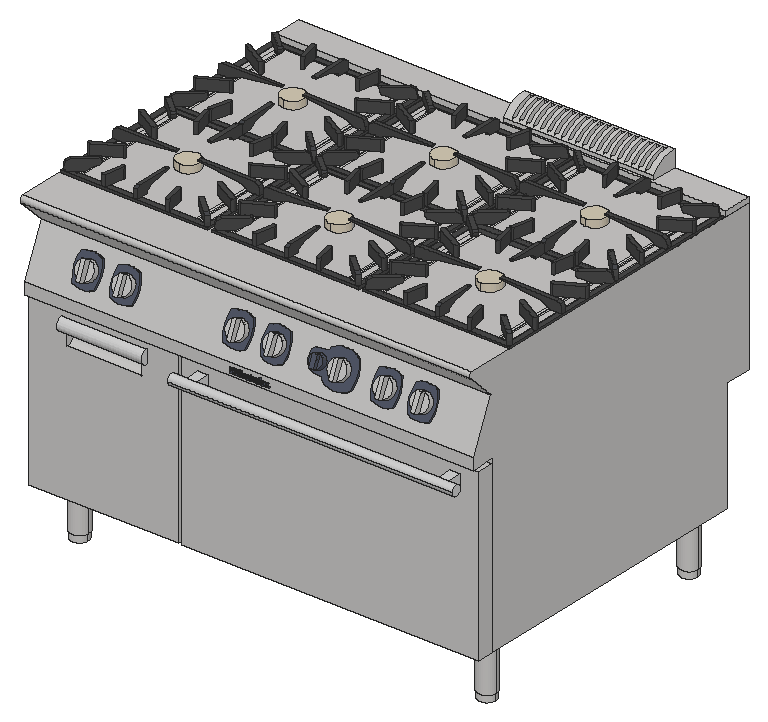
Revit family "QF_ELECTROLUXPROFESSIONAL_391582_E9AANTBFMII", category Attrezzature speciali, Revit 2018 (continued)
Automatic sketch dimensions
  Extrusion 36 sketch curve to Extrusion 36 sketch curve = 0.561 mm
  Extrusion 36 sketch curve to Extrusion 36 sketch curve = 0.592 mm
  Extrusion 36 sketch curve to Extrusion 36 sketch curve = 2.692 mm
  Extrusion 36 sketch curve to Extrusion 36 sketch curve = 1.259 mm
  plane 7 "Center Y" to Extrusion 36 sketch curve = 48.858 mm
  Extrusion 36 sketch curve to Extrusion 36 sketch curve = 0.802 mm
  Extrusion 36 sketch curve to Extrusion 36 sketch curve = 1.024 mm
  Extrusion 36 sketch curve to Extrusion 36 sketch curve = 0.682 mm
  Extrusion 36 sketch curve to Extrusion 36 sketch curve = 5.934 mm
  Extrusion 36 sketch curve to Extrusion 36 sketch curve = 2.186 mm
  Extrusion 36 sketch curve to Extrusion 36 sketch curve = 0.337 mm
  Extrusion 36 sketch curve to Extrusion 36 sketch curve = 0.021 mm
  Extrusion 36 sketch curve to Extrusion 36 sketch curve = 1.005 mm
  Extrusion 36 sketch curve to Extrusion 36 sketch curve = 0.552 mm
  Extrusion 36 sketch curve to Extrusion 36 sketch curve = 0.778 mm
  Extrusion 36 sketch curve to Extrusion 36 sketch curve = 0.063 mm
  Extrusion 36 sketch curve to Extrusion 36 sketch curve = 1.023 mm
  Extrusion 36 sketch curve to Extrusion 36 sketch curve = 3.804 mm
  Extrusion 36 sketch curve to Extrusion 36 sketch curve = 0.486 mm
  Extrusion 36 sketch curve to Extrusion 36 sketch curve = 0.266 mm
  Extrusion 36 sketch curve to plane 7 "Center Y" = 0.787 mm
  Extrusion 36 sketch curve to Extrusion 36 sketch curve = 1.547 mm
  Extrusion 36 sketch curve to Extrusion 36 sketch curve = 0.717 mm  (x2)
  Extrusion 36 sketch curve to Extrusion 36 sketch curve = 1.667 mm
  plane 7 "Center Y" to Extrusion 36 sketch curve = 44.532 mm
  Extrusion 36 sketch curve to Extrusion 36 sketch curve = 3.174 mm
  plane 7 "Center Y" to Extrusion 36 sketch curve = 0.368 mm
  Extrusion 36 sketch curve to Extrusion 36 sketch curve = 0.388 mm
  Extrusion 36 sketch curve to Extrusion 36 sketch curve = 1.342 mm
  plane 7 "Center Y" to Extrusion 36 sketch curve = 50.135 mm
  Extrusion 36 sketch curve to Extrusion 36 sketch curve = 1.521 mm
  plane 7 "Center Y" to Extrusion 36 sketch curve = 51.694 mm
  Extrusion 36 sketch curve to Extrusion 36 sketch curve = 0.124 mm
  Extrusion 36 sketch curve to Extrusion 36 sketch curve = 0.291 mm
  plane 7 "Center Y" to Extrusion 36 sketch curve = 7.285 mm
  Extrusion 36 sketch curve to Extrusion 36 sketch curve = 1.049 mm  (x2)
  plane 7 "Center Y" to Extrusion 36 sketch curve = 47.668 mm
  Extrusion 36 sketch curve to Extrusion 36 sketch curve = 1.7 mm
  Extrusion 36 sketch curve to Extrusion 36 sketch curve = 0.894 mm
  Extrusion 36 sketch curve to Extrusion 36 sketch curve = 0.989 mm
  Extrusion 36 sketch curve to Extrusion 36 sketch curve = 1.168 mm
  Extrusion 36 sketch curve to Extrusion 36 sketch curve = 1.594 mm
  Extrusion 36 sketch curve to Extrusion 36 sketch curve = 0.731 mm
  Extrusion 36 sketch curve to Extrusion 36 sketch curve = 1.566 mm
  Extrusion 36 sketch curve to Extrusion 36 sketch curve = 0.064 mm
  plane 7 "Center Y" to Extrusion 36 sketch curve = 7.842 mm
  Extrusion 36 sketch curve to Extrusion 36 sketch curve = 0.556 mm
  Extrusion 36 sketch curve to Extrusion 36 sketch curve = 0.48 mm
  Extrusion 36 sketch curve to Extrusion 36 sketch curve = 0.228 mm
  Extrusion 36 sketch curve to Extrusion 36 sketch curve = 1.018 mm
  plane 7 "Center Y" to Extrusion 36 sketch curve = 37.429 mm
  Extrusion 36 sketch curve to Extrusion 36 sketch curve = 0.787 mm
  Extrusion 36 sketch curve to Extrusion 36 sketch curve = 0.618 mm
  plane 7 "Center Y" to Extrusion 36 sketch curve = 42.486 mm
  Extrusion 36 sketch curve to Extrusion 36 sketch curve = 1.672 mm
  plane 7 "Center Y" to Extrusion 36 sketch curve = 53.436 mm
  Extrusion 36 sketch curve to Extrusion 36 sketch curve = 1.361 mm
  Extrusion 36 sketch curve to Extrusion 36 sketch curve = 0.822 mm
  Extrusion 36 sketch curve to Extrusion 36 sketch curve = 0.069 mm
  Extrusion 36 sketch curve to Extrusion 36 sketch curve = 1.88 mm
  plane 7 "Center Y" to Extrusion 36 sketch curve = 35.269 mm
  Extrusion 36 sketch curve to Extrusion 36 sketch curve = 0.42 mm
  Extrusion 36 sketch curve to Extrusion 36 sketch curve = 0.062 mm
  Extrusion 36 sketch curve to Extrusion 36 sketch curve = 1.355 mm
  Extrusion 36 sketch curve to Extrusion 36 sketch curve = 2.34 mm
  Extrusion 36 sketch curve to Extrusion 36 sketch curve = 0.493 mm
  Extrusion 36 sketch curve to Extrusion 36 sketch curve = 0.136 mm
  Extrusion 36 sketch curve to Extrusion 36 sketch curve = 0.128 mm
  Extrusion 36 sketch curve to Extrusion 36 sketch curve = 3.616 mm
  Extrusion 36 sketch curve to Extrusion 36 sketch curve = 4.207 mm
  Extrusion 36 sketch curve to Extrusion 36 sketch curve = 0.183 mm
  Extrusion 36 sketch curve to Extrusion 36 sketch curve = 0.895 mm
  Extrusion 36 sketch curve to Extrusion 36 sketch curve = 1.314 mm
  Extrusion 36 sketch curve to Extrusion 36 sketch curve = 3.231 mm
  Extrusion 36 sketch curve to plane 7 "Center Y" = 23.526 mm
  Extrusion 36 sketch curve to Extrusion 36 sketch curve = 1.299 mm
  Extrusion 36 sketch curve to Extrusion 36 sketch curve = 1.214 mm
  plane 7 "Center Y" to Extrusion 36 sketch curve = 26.369 mm
  Extrusion 36 sketch curve to Extrusion 36 sketch curve = 1.264 mm
  Extrusion 36 sketch curve to Extrusion 36 sketch curve = 0.109 mm
  Extrusion 36 sketch curve to Extrusion 36 sketch curve = 0.357 mm
  Extrusion 36 sketch curve to Extrusion 36 sketch curve = 0.565 mm
  Extrusion 36 sketch curve to Extrusion 36 sketch curve = 2.504 mm
  Extrusion 36 sketch curve to Extrusion 36 sketch curve = 2.459 mm
  Extrusion 36 sketch curve to Extrusion 36 sketch curve = 0.983 mm
  Extrusion 36 sketch curve to Extrusion 36 sketch curve = 0.422 mm  (x2)
  Extrusion 36 sketch curve to Extrusion 36 sketch curve = 1.268 mm
  Extrusion 36 sketch curve to Extrusion 36 sketch curve = 0.671 mm
  Extrusion 36 sketch curve to Extrusion 36 sketch curve = 1.634 mm
  Extrusion 36 sketch curve to Extrusion 36 sketch curve = 0.132 mm
  Extrusion 36 sketch curve to Extrusion 36 sketch curve = 0.586 mm
  Extrusion 36 sketch curve to Extrusion 36 sketch curve = 1.241 mm
  Extrusion 36 sketch curve to Extrusion 36 sketch curve = 1.689 mm
  Extrusion 36 sketch curve to Extrusion 36 sketch curve = 0.627 mm
  Extrusion 36 sketch curve to Extrusion 36 sketch curve = 0.419 mm
  Extrusion 36 sketch curve to Extrusion 36 sketch curve = 1.514 mm
  Extrusion 36 sketch curve to Extrusion 36 sketch curve = 1.019 mm
  Extrusion 36 sketch curve to Extrusion 36 sketch curve = 0.065 mm
  Extrusion 36 sketch curve to Extrusion 36 sketch curve = 1.215 mm
  Extrusion 36 sketch curve to Extrusion 36 sketch curve = 1.122 mm
  Extrusion 36 sketch curve to Extrusion 36 sketch curve = 1.153 mm
  Extrusion 36 sketch curve to Extrusion 36 sketch curve = 1.223 mm
  Extrusion 36 sketch curve to Extrusion 36 sketch curve = 0.934 mm
  Extrusion 36 sketch curve to Extrusion 36 sketch curve = 3.376 mm
  Extrusion 36 sketch curve to Extrusion 36 sketch curve = 0.222 mm
  Extrusion 36 sketch curve to Extrusion 36 sketch curve = 1.383 mm
  Extrusion 36 sketch curve to Extrusion 36 sketch curve = 1.556 mm
  Extrusion 36 sketch curve to Extrusion 36 sketch curve = 2.559 mm
  Extrusion 36 sketch curve to Extrusion 36 sketch curve = 2.51 mm
  Extrusion 36 sketch curve to Extrusion 36 sketch curve = 0.131 mm
  Extrusion 36 sketch curve to Extrusion 36 sketch curve = 1.134 mm
  Extrusion 36 sketch curve to Extrusion 36 sketch curve = 0.094 mm
  Extrusion 36 sketch curve to Extrusion 36 sketch curve = 1.584 mm
  Extrusion 36 sketch curve to Extrusion 36 sketch curve = 0.27 mm
  Extrusion 36 sketch curve to Extrusion 36 sketch curve = 0.916 mm
  Extrusion 36 sketch curve to Extrusion 36 sketch curve = 0.352 mm
  Extrusion 36 sketch curve to Extrusion 36 sketch curve = 0.458 mm
  Extrusion 36 sketch curve to Extrusion 36 sketch curve = 1.282 mm
  Extrusion 36 sketch curve to Extrusion 36 sketch curve = 1.363 mm
  Extrusion 36 sketch curve to Extrusion 36 sketch curve = 0.685 mm
  Extrusion 36 sketch curve to Extrusion 36 sketch curve = 0.905 mm
  Extrusion 36 sketch curve to Extrusion 36 sketch curve = 1.477 mm
  Extrusion 36 sketch curve to Extrusion 36 sketch curve = 0.472 mm
  Extrusion 36 sketch curve to Extrusion 36 sketch curve = 0.101 mm
  Extrusion 36 sketch curve to Extrusion 36 sketch curve = 0.54 mm
  Extrusion 36 sketch curve to Extrusion 36 sketch curve = 0.02 mm
  Extrusion 36 sketch curve to Extrusion 36 sketch curve = 0.829 mm
  Extrusion 36 sketch curve to Extrusion 36 sketch curve = 0.582 mm
  Extrusion 36 sketch curve to Extrusion 36 sketch curve = 0.166 mm
  Extrusion 36 sketch curve to Extrusion 36 sketch curve = 0.16 mm
  Extrusion 36 sketch curve to Extrusion 36 sketch curve = 1.118 mm
  Extrusion 36 sketch curve to Extrusion 36 sketch curve = 0.613 mm
  Extrusion 36 sketch curve to Extrusion 36 sketch curve = 0.781 mm
  Extrusion 36 sketch curve to Extrusion 36 sketch curve = 0.361 mm
  Extrusion 36 sketch curve to Extrusion 36 sketch curve = 0.897 mm
  Extrusion 36 sketch curve to Extrusion 36 sketch curve = 0.167 mm
  Extrusion 36 sketch curve to Extrusion 36 sketch curve = 0.292 mm
  Extrusion 36 sketch curve to Extrusion 36 sketch curve = 0.305 mm
  Extrusion 36 sketch curve to Extrusion 36 sketch curve = 1.557 mm
  Extrusion 36 sketch curve to Extrusion 36 sketch curve = 2.499 mm
  Extrusion 36 sketch curve to Extrusion 36 sketch curve = 3.062 mm
  Extrusion 36 sketch curve to Extrusion 36 sketch curve = 2.968 mm
  Extrusion 36 sketch curve to Extrusion 36 sketch curve = 5.044 mm
  Extrusion 36 sketch curve to Extrusion 36 sketch curve = 0.629 mm  (x2)
  Extrusion 36 sketch curve to Extrusion 36 sketch curve = 1.131 mm
  Extrusion 36 sketch curve to Extrusion 36 sketch curve = 0.137 mm
  Extrusion 36 sketch curve to Extrusion 36 sketch curve = 0.027 mm
  Extrusion 36 sketch curve to Extrusion 36 sketch curve = 2.046 mm
  Extrusion 36 sketch curve to Extrusion 36 sketch curve = 2.235 mm
  Revolve 37 sketch curve to plane 9 "Base" = 0 mm  (x2)
  Revolve 37 sketch curve to level = 0 mm
  plane 3 "LEFT" to Revolve 37 sketch curve = 30.6 mm
  Revolve 37 sketch curve to Revolve 37 sketch curve = 2.5 mm
  Revolve 37 sketch curve to Revolve 37 sketch curve = 25.4 mm
  Revolve 37 sketch curve to Revolve 37 sketch curve = 0 mm
  level to Revolve 37 sketch curve = 19.05 mm
  plane 9 "Base" to Revolve 37 sketch curve = 20 mm
  Revolve 38 sketch curve to plane 9 "Base" = 0 mm  (x2)
  Revolve 38 sketch curve to level = 0 mm
  Revolve 38 sketch curve to plane 4 "RIGHT" = 30.6 mm
  Revolve 38 sketch curve to Revolve 38 sketch curve = 2.5 mm
  Revolve 38 sketch curve to Revolve 38 sketch curve = 25.4 mm
  Revolve 38 sketch curve to Revolve 38 sketch curve = 0 mm
  plane 9 "Base" to Revolve 38 sketch curve = 20 mm
  level to Revolve 38 sketch curve = 19.05 mm
  Revolve 39 sketch curve to plane 9 "Base" = 0 mm  (x2)
  Revolve 39 sketch curve to level = 0 mm
  plane 3 "LEFT" to Revolve 39 sketch curve = 30.6 mm
  Revolve 39 sketch curve to Revolve 39 sketch curve = 2.5 mm
  Revolve 39 sketch curve to Revolve 39 sketch curve = 25.4 mm
  Revolve 39 sketch curve to Revolve 39 sketch curve = 0 mm
  level to Revolve 39 sketch curve = 19.05 mm
  plane 9 "Base" to Revolve 39 sketch curve = 20 mm
  Revolve 40 sketch curve to plane 9 "Base" = 0 mm  (x2)
  Revolve 40 sketch curve to level = 0 mm
  Revolve 40 sketch curve to plane 4 "RIGHT" = 30.6 mm
  Revolve 40 sketch curve to Revolve 40 sketch curve = 2.5 mm
  Revolve 40 sketch curve to Revolve 40 sketch curve = 25.4 mm
  Revolve 40 sketch curve to Revolve 40 sketch curve = 0 mm
  plane 9 "Base" to Revolve 40 sketch curve = 20 mm
  level to Revolve 40 sketch curve = 19.05 mm
  Extrusion 41 sketch curve to Extrusion 1 = 43 mm
  Extrusion 41 sketch curve to Extrusion 1 = 276.222 mm
  plane 1 "BACK" to Extrusion 42 sketch curve = 63.911 mm  (x2)
  Extrusion 42 sketch curve to plane 4 "RIGHT" = 212.447 mm
  Extrusion 42 sketch curve to Extrusion 42 sketch curve = 9.296 mm  (x20)
  Extrusion 42 sketch curve to Extrusion 42 sketch curve = 9.397 mm  (x19)
  Extrusion 42 sketch curve to Extrusion 42 sketch curve = 0 mm  (x18)
  plane 1 "BACK" to Extrusion 42 sketch curve = 6.761 mm  (x20)
  curve 107 to plane 3 "LEFT" = 0 mm
  curve 107 to plane 4 "RIGHT" = 0 mm
  plane 7 "Center Y" to curve 106 = 2.4 mm
  curve 106 to plane 13 = 58.15 mm
  curve 106 to plane 4 "RIGHT" = 197.6 mm
  curve 107 to plane 13 = 51.8 mm
  plane 11 to curve 10 = 0 mm
  curve 3 to plane 4 "RIGHT" = 0 mm
  curve 4 to plane 4 "RIGHT" = 0 mm
  plane 11 to curve 13 = 0 mm
  plane 1 "BACK" to curve 98 = 0 mm
  curve 5 to plane 3 "LEFT" = 0 mm
  curve 1 to plane 3 "LEFT" = 0 mm
  plane 11 to curve 8 = 0 mm
  curve 2 to plane 15 = 0 mm
  plane 4 "RIGHT" to curve 9 = 100 mm
  curve 11 to plane 4 "RIGHT" = 19.875 mm
  plane 11 to curve 13 = 8.549 mm
  curve 12 to curve 13 = 30.925 mm
  curve 13 to curve 15 = 25.4 mm
  curve 98 to plane 4 "RIGHT" = 197.6 mm
  curve 98 to curve 67 = 14.847 mm
  curve 66 to curve 68 = 9.296 mm
  curve 68 to curve 70 = 9.397 mm
  curve 70 to curve 73 = 9.296 mm
  curve 72 to curve 74 = 9.397 mm
  curve 74 to curve 75 = 9.296 mm
  curve 75 to curve 79 = 9.397 mm
  curve 78 to curve 79 = 9.296 mm
  curve 79 to curve 83 = 9.397 mm
  curve 82 to curve 84 = 9.296 mm
  curve 83 to curve 87 = 9.397 mm
  curve 86 to curve 88 = 9.296 mm
  curve 88 to curve 90 = 9.397 mm
  curve 90 to curve 92 = 9.296 mm
  curve 92 to curve 97 = 9.397 mm
  curve 94 to curve 97 = 9.296 mm
  curve 96 to curve 25 = 9.397 mm
  curve 22 to curve 23 = 9.296 mm
  curve 23 to curve 27 = 9.397 mm
  curve 26 to curve 28 = 9.296 mm
  curve 28 to curve 33 = 9.397 mm
  curve 30 to curve 31 = 9.296 mm
  curve 31 to curve 35 = 9.397 mm
  curve 34 to curve 36 = 9.296 mm
  curve 35 to curve 38 = 9.397 mm
  curve 38 to curve 39 = 9.296 mm
  curve 40 to curve 42 = 9.397 mm
  curve 42 to curve 44 = 9.296 mm
  curve 43 to curve 46 = 9.397 mm
  curve 46 to curve 48 = 9.296 mm
  curve 47 to curve 50 = 9.397 mm
  curve 50 to curve 51 = 9.296 mm
  curve 52 to curve 54 = 9.397 mm
  curve 54 to curve 57 = 9.296 mm
  curve 55 to curve 59 = 9.397 mm
  curve 58 to curve 61 = 9.296 mm
  curve 59 to curve 62 = 9.397 mm
  curve 62 to curve 64 = 9.296 mm
  curve 64 to curve 21 = 9.397 mm
  curve 18 to curve 20 = 9.296 mm
  plane 7 "Center Y" to curve 99 = 2.4 mm
  plane 11 to curve 104 = 8.549 mm
  curve 104 to plane 7 "Center Y" = 123.8 mm
  curve 101 to curve 100 = 25.4 mm
  plane 11 to curve 102 = 7.049 mm
  curve 16 to curve 102 = 30.925 mm
  curve 4 to curve 8 = 100 mm
  curve 10 to plane 1 "BACK" = 100 mm
  plane 1 "BACK" to curve 84 = 6.761 mm
  plane 1 "BACK" to curve 86 = 6.761 mm
  plane 1 "BACK" to curve 90 = 6.761 mm
  plane 1 "BACK" to curve 81 = 6.761 mm
  plane 1 "BACK" to curve 53 = 6.761 mm
  plane 1 "BACK" to curve 97 = 6.761 mm
  plane 1 "BACK" to curve 77 = 6.761 mm
  plane 1 "BACK" to curve 18 = 6.761 mm
  plane 1 "BACK" to curve 73 = 6.761 mm
  plane 1 "BACK" to curve 22 = 6.761 mm
  plane 1 "BACK" to curve 69 = 6.761 mm
  plane 1 "BACK" to curve 26 = 6.761 mm
  plane 1 "BACK" to curve 65 = 6.761 mm
  plane 1 "BACK" to curve 30 = 6.761 mm
  plane 1 "BACK" to curve 61 = 6.761 mm
  plane 1 "BACK" to curve 34 = 6.761 mm
  plane 1 "BACK" to curve 57 = 6.761 mm
  plane 1 "BACK" to curve 38 = 6.761 mm
  plane 1 "BACK" to curve 49 = 6.761 mm
  plane 1 "BACK" to curve 42 = 6.761 mm
  curve 44 to curve 44 = 57.15 mm
  curve 46 to curve 43 = 0 mm
  curve 42 to curve 40 = 0 mm
  curve 50 to curve 47 = 0 mm
  curve 92 to curve 92 = 57.15 mm
  curve 38 to curve 36 = 0 mm
  curve 54 to curve 51 = 0 mm
  curve 34 to curve 32 = 0 mm
  curve 58 to curve 55 = 0 mm
  curve 30 to curve 28 = 0 mm
  curve 62 to curve 59 = 0 mm
  curve 26 to curve 24 = 0 mm
  curve 66 to curve 66 = 57.15 mm
  curve 20 to curve 63 = 0 mm
  curve 70 to curve 67 = 0 mm
  curve 94 to curve 91 = 0 mm
  curve 74 to curve 71 = 0 mm
  curve 78 to curve 75 = 0 mm
  curve 90 to curve 88 = 0 mm
  curve 82 to curve 79 = 0 mm
  curve 66 to curve 98 = 5.939 mm
  curve 19 to curve 99 = 5.939 mm
  plane 11 to curve 17 = 7.049 mm
  curve 105 to curve 101 = 1.5 mm
  curve 12 to curve 11 = 25.4 mm
  radius of Extrusion 4 sketch curve = 6.4 mm
  radius of Extrusion 9 sketch curve = 12.7 mm
  radius of Extrusion 13 sketch curve = 25.4 mm
  radius of Extrusion 14 sketch curve to Extrusion 13 = 0 mm  (x2)
  radius of Extrusion 16 sketch curve = 25.4 mm
  radius of Extrusion 17 sketch curve to Extrusion 16 = 0 mm  (x2)
  radius of Extrusion 18 sketch curve = 18.37 mm
  radius of Extrusion 21 sketch curve = 25.4 mm
  radius of Extrusion 22 sketch curve to Extrusion 21 = 0 mm  (x2)
  radius of Extrusion 24 sketch curve = 25.4 mm
  radius of Extrusion 25 sketch curve to Extrusion 24 = 0 mm  (x2)
  radius of Extrusion 28 sketch curve = 25.4 mm
  radius of Extrusion 29 sketch curve to Extrusion 28 = 0 mm  (x2)
  radius of Extrusion 31 sketch curve = 25.4 mm
  radius of Extrusion 32 sketch curve to Extrusion 31 = 0 mm  (x2)
  radius of Extrusion 34 sketch curve = 25.4 mm
  radius of Extrusion 35 sketch curve to Extrusion 34 = 0 mm  (x2)
  radius of Extrusion 41 sketch curve = 12.7 mm
Nested families
  nested 1: "371009_BURNER" at (0, -440.6, 0), type "371009_BURNER"
    with Type Mark "", Status "", Specification by User "", Revision Code "", Item Number "", Installed By "", Identify Quantity as Lot yes, Furnished By "", Foodservice Equipment Identifier yes
  nested 2: "371009_BURNER" at (403.15, -440.6, 0), type "371009_BURNER"
    with Type Mark "", Status "", Specification by User "", Revision Code "", Item Number "", Installed By "", Identify Quantity as Lot yes, Furnished By "", Foodservice Equipment Identifier yes
  nested 3: "371009_BURNER" at (1200, -440.6, 0) x (-1, 0, 0) z (0, 0, 1), type "371009_BURNER"
    with Type Mark "", Status "", Specification by User "", Revision Code "", Item Number "", Installed By "", Identify Quantity as Lot yes, Furnished By "", Foodservice Equipment Identifier yes
  nested 4: "371009_BURNER" at (0, -440.6, 0), type "371009_BURNER"
    with Type Mark "", Status "", Specification by User "", Revision Code "", Item Number "", Installed By "", Identify Quantity as Lot yes, Furnished By "", Foodservice Equipment Identifier yes
  nested 5: "371009_BURNER" at (403.15, -440.6, 0), type "371009_BURNER"
    with Type Mark "", Status "", Specification by User "", Revision Code "", Item Number "", Installed By "", Identify Quantity as Lot yes, Furnished By "", Foodservice Equipment Identifier yes
  nested 6: "371009_BURNER" at (1200, -440.6, 0) x (-1, 0, 0) z (0, 0, 1), type "371009_BURNER"
    with Type Mark "", Status "", Specification by User "", Revision Code "", Item Number "", Installed By "", Identify Quantity as Lot yes, Furnished By "", Foodservice Equipment Identifier yes
Connectors
  piping at (1149, -665, 129), diameter 12.8
    settings: on Extrusion 4, index 1, connector inside diameter 0.50394", connector length 0 mm, flow factor 0, pipe flow 0 GPM, pressure drop 0.00 psi, fitting loss kfactor 0, connector angle 0.00°, fixture units 0, engagement length 0 mm, angle of deflection 0.00°, flow configuration 1, flow direction 1, fitting loss method 0, system type 7, joint type 0, gender type 0, connector reference index -1, connector utility 0, adjustable connector no, is connector primary yes, connector description "GAS CONNECTION"
Definition of nested family "371009_BURNER"
  Parameters
    Weight in Pounds = 0
    URL Cutsheet = ""
    URL = "www.electrolux.com"
    Type Mark [instance] = ""
    Status [instance] = ""
    Specification by User [instance] = ""
    Specification by Manufacturer = ""
    Show Clearance [instance] = yes
    Serial Number = ""
    Seismic Rating = ""
    SMACNA No = ""
    Revision Code [instance] = ""
    Omniclass Number and Title = ""
    NAFEM Spec ID Number = ""
    Model = "371009"
    Masterspec = ""
    Manufacturer = "ELECTROLUX"
    Item Number [instance] = ""
    Installed By [instance] = ""
    Identify Quantity as Lot [instance] = yes
    Furnished By [instance] = ""
    Foodservice Equipment Identifier [instance] = yes
    Description = ""
    CSI MasterFormat = ""
    CSI Master Format = ""
  Reference planes
    plane 1 "BACK": y = 0
    plane 2: z = 0
    plane 3 "LEFT": x = 0
    plane 4 "RIGHT": x = 393.7
    plane 5 "FRONT": y = -355.6
    plane 6 "TOP": z = 908.85
    plane 7 "Center Y": x = 196.85
    plane 8 "Center X": y = -177.8
    plane 9 "Base": z = 150
    plane 10: z = 850.85
  Forms (mm)
    Extrusion 1, solid
      sketch origin (-6.433, -404.961, 5) x (1, 0, 0) y (0, 0, -1)
        loop
          arc (7.142, -850.85) -> (6.739, -862.989) -> (9.761, -874.752) r 42.809
          line (9.761, -874.752) -> (19.961, -879.425) -> (173.122, -879.425)
          arc (173.122, -879.425) -> (174.316, -878.312) -> (173.289, -877.043) r 1.197
          line (173.289, -877.043) -> (64.848, -864.021)
          arc (64.848, -864.021) -> (50.111, -858.738) -> (36.589, -850.85) r 85.245
          line (36.589, -850.85) -> (7.142, -850.85)
        loop
          line (399.424, -850.85) -> (369.977, -850.85)
          arc (369.977, -850.85) -> (356.455, -858.738) -> (341.718, -864.021) r 85.245
          line (341.718, -864.021) -> (233.277, -877.043)
          arc (233.277, -877.043) -> (232.25, -878.312) -> (233.444, -879.425) r 1.197
          line (233.444, -879.425) -> (386.605, -879.425) -> (396.806, -874.752)
          arc (396.806, -874.752) -> (399.827, -862.989) -> (399.424, -850.85) r 42.809
      from 224.564 to 234.564
    Extrusion 2, solid
      sketch origin (196.85, 175.397, 1219.2) x (0, 1, 0) y (0, 0, 1)
        loop
          line (-204.463, -363.35) -> (-175.397, -363.35) -> (-175.397, -339.506)
          arc (-175.397, -339.506) -> (-181.025, -338.266) -> (-185.611, -334.775) r 13.39
          line (-185.611, -334.775) -> (-278.903, -334.775)
          arc (-278.903, -334.775) -> (-280.097, -335.888) -> (-279.07, -337.157) r 1.197
          line (-279.07, -337.157) -> (-227.151, -347.464)
          arc (-227.151, -347.464) -> (-213.741, -352.457) -> (-204.463, -363.35) r 28.426
        loop
          arc (-496.332, -363.35) -> (-487.053, -352.457) -> (-473.644, -347.464) r 28.426
          line (-473.644, -347.464) -> (-421.725, -337.157)
          arc (-421.725, -337.157) -> (-420.697, -335.888) -> (-421.891, -334.775) r 1.197
          line (-421.891, -334.775) -> (-515.184, -334.775)
          arc (-515.184, -334.775) -> (-519.769, -338.266) -> (-525.397, -339.506) r 13.39
          line (-525.397, -339.506) -> (-525.397, -363.35) -> (-496.332, -363.35)
      from -5 to 5
    Extrusion 3, solid
      sketch origin (-6.433, 367.064, 850.85) x (0, -1, 0) y (1, 0, 0)
        loop
          line (722.664, 6.433) -> (722.664, 400.133) -> (367.064, 400.133) -> (367.064, 6.433) -> (722.664, 6.433)
        loop
          line (382.064, 21.433) -> (707.664, 21.433) -> (707.664, 385.133) -> (382.064, 385.133) -> (382.064, 21.433)
      from 0 to 5
    Extrusion 4, solid
      sketch origin (-18.933, 367.064, 855.85) x (0, -1, 0) y (1, 0, 0)
        loop
          circle (541.667, 215.783) r 30
      from -1.321 to 17.134
    Extrusion 5, solid
      sketch origin (-6.433, -367.064, 0) x (1, 0, 0) y (0, 0, -1)
        loop
          line (21.433, -855.85) -> (36.589, -855.85)
          arc (36.589, -855.85) -> (40.561, -855.243) -> (44.305, -853.783) r 18.259
          arc (44.305, -853.783) -> (45.997, -853.366) -> (47.69, -853.783) r 3.649
          arc (47.69, -853.783) -> (49.901, -854.522) -> (52.232, -854.529) r 7.328
          line (52.232, -854.529) -> (354.334, -854.529)
          arc (354.334, -854.529) -> (356.666, -854.522) -> (358.877, -853.783) r 7.328
          arc (358.877, -853.783) -> (360.569, -853.366) -> (362.261, -853.783) r 3.649
          arc (362.261, -853.783) -> (366.005, -855.243) -> (369.977, -855.85) r 18.259
          line (369.977, -855.85) -> (385.133, -855.85) -> (385.133, -850.85) -> (21.433, -850.85) -> (21.433, -855.85)
      from 26.464 to 352.064
    Extrusion 6, solid
      sketch origin (83.284, -458.334, 5) x (0.742103, 0.670286, 0) y (0, 0, -1)
        loop
          arc (88.629, -864.012) -> (73.909, -858.731) -> (60.402, -850.85) r 85.245
          line (60.402, -850.85) -> (14.993, -850.85)
          arc (14.993, -850.85) -> (14.642, -862.948) -> (17.686, -874.663) r 42.876
          line (17.686, -874.663) -> (27.899, -879.425) -> (89.664, -879.425)
          arc (89.664, -879.425) -> (92.39, -878.352) -> (93.654, -875.709) r 4
          arc (93.654, -875.709) -> (92.562, -869.25) -> (88.629, -864.012) r 13.87
        loop
          arc (457.638, -864.012) -> (453.704, -869.25) -> (452.613, -875.709) r 13.87
          arc (452.613, -875.709) -> (453.876, -878.352) -> (456.603, -879.425) r 4
          line (456.603, -879.425) -> (518.367, -879.425) -> (528.581, -874.663)
          arc (528.581, -874.663) -> (531.624, -862.948) -> (531.273, -850.85) r 42.876
          line (531.273, -850.85) -> (485.865, -850.85)
          arc (485.865, -850.85) -> (472.357, -858.731) -> (457.638, -864.012) r 85.245
      from 127.064 to 137.064
    Extrusion 7, solid
      sketch origin (310.416, -458.334, 5) x (-0.742103, 0.670286, 0) y (0, 0, 1)
        loop
          arc (88.629, 864.012) -> (92.562, 869.25) -> (93.654, 875.709) r 13.87
          arc (93.654, 875.709) -> (92.39, 878.352) -> (89.664, 879.425) r 4
          line (89.664, 879.425) -> (27.899, 879.425) -> (17.686, 874.663)
          arc (17.686, 874.663) -> (14.642, 862.948) -> (14.993, 850.85) r 42.876
          line (14.993, 850.85) -> (60.402, 850.85)
          arc (60.402, 850.85) -> (73.909, 858.731) -> (88.629, 864.012) r 85.245
        loop
          arc (457.638, 864.012) -> (472.357, 858.731) -> (485.865, 850.85) r 85.245
          line (485.865, 850.85) -> (531.273, 850.85)
          arc (531.273, 850.85) -> (531.624, 862.948) -> (528.581, 874.663) r 42.876
          line (528.581, 874.663) -> (518.367, 879.425) -> (456.603, 879.425)
          arc (456.603, 879.425) -> (453.876, 878.352) -> (452.613, 875.709) r 4
          arc (452.613, 875.709) -> (453.704, 869.25) -> (457.638, 864.012) r 13.87
      from 127.064 to 137.064
    Extrusion 8, solid
      sketch origin (-6.433, 367.064, 855.85) x (0, -1, 0) y (1, 0, 0)
        loop
          arc (626.166, 9.428) -> (632.956, 7.454) -> (634.93, 14.244) r 5
          line (634.93, 14.244) -> (600.514, 76.878)
          arc (600.514, 76.878) -> (593.724, 78.852) -> (591.75, 72.062) r 5
          line (591.75, 72.062) -> (626.166, 9.428)
        loop
          line (463.562, 9.428) -> (497.977, 72.062)
          arc (497.977, 72.062) -> (496.003, 78.852) -> (489.213, 76.878) r 5
          line (489.213, 76.878) -> (454.798, 14.244)
          arc (454.798, 14.244) -> (456.772, 7.454) -> (463.562, 9.428) r 5
        loop
          line (626.166, 397.138) -> (591.75, 334.504)
          arc (591.75, 334.504) -> (593.724, 327.714) -> (600.514, 329.689) r 5
          line (600.514, 329.689) -> (634.93, 392.323)
          arc (634.93, 392.323) -> (632.956, 399.113) -> (626.166, 397.138) r 5
        loop
          arc (463.562, 397.138) -> (456.772, 399.113) -> (454.798, 392.323) r 5
          line (454.798, 392.323) -> (489.213, 329.689)
          arc (489.213, 329.689) -> (496.003, 327.714) -> (497.977, 334.504) r 5
          line (497.977, 334.504) -> (463.562, 397.138)
        loop
          line (715.14, 293.499) -> (666.703, 282.317)
          arc (666.703, 282.317) -> (662.956, 276.32) -> (668.953, 272.573) r 5
          line (668.953, 272.573) -> (717.389, 283.756)
          arc (717.389, 283.756) -> (721.136, 289.752) -> (715.14, 293.499) r 5
        loop
          arc (715.14, 113.067) -> (721.136, 116.814) -> (717.389, 122.811) r 5
          line (717.389, 122.811) -> (668.953, 133.993)
          arc (668.953, 133.993) -> (662.956, 130.246) -> (666.703, 124.249) r 5
          line (666.703, 124.249) -> (715.14, 113.067)
        loop
          arc (374.588, 293.499) -> (368.591, 289.752) -> (372.338, 283.756) r 5
          line (372.338, 283.756) -> (420.775, 272.573)
          arc (420.775, 272.573) -> (426.771, 276.32) -> (423.024, 282.317) r 5
          line (423.024, 282.317) -> (374.588, 293.499)
        loop
          line (374.588, 113.067) -> (423.024, 124.249)
          arc (423.024, 124.249) -> (426.771, 130.246) -> (420.775, 133.993) r 5
          line (420.775, 133.993) -> (372.338, 122.811)
          arc (372.338, 122.811) -> (368.591, 116.814) -> (374.588, 113.067) r 5
      from 0 to 28.575
  Lines and regions (mm)
    symbolic lines
      curve 1: line (0, -355.6, 150) -> (393.7, -355.6, 150)
      curve 2: line (0, 0, 150) -> (0, -355.6, 150)
      curve 3: line (393.7, -355.6, 150) -> (393.7, 0, 150)
      curve 4: line (369.633, -15, 150) -> (285.34, -15, 150)
      curve 5: line (24.067, -340.6, 150) -> (108.36, -340.6, 150)
      curve 6: line (157.475, -170.397, 150) -> (157.475, -15, 150)
      curve 7: line (236.225, -170.397, 150) -> (236.225, -15, 150)
      curve 8: line (201.85, -350, 150) -> (201.85, -176.674, 150)
      curve 9: line (0, -180.397, 150) -> (167.224, -180.397, 150)
      curve 10: line (393.7, -170.397, 150) -> (228.275, -170.397, 150)
      curve 11: line (15, -180.397, 150) -> (15, -252.506, 150)
      curve 12: line (45.799, -340.6, 150) -> (45.799, -320.971, 150)
      curve 13: line (167.224, -170.397, 150) -> (0, -170.397, 150)
      curve 14: line (228.275, -180.504, 150) -> (393.7, -180.504, 150)
      curve 15: arc (228.275, -170.397, 150) -> (223.221, -175.45, 150) -> (228.275, -180.504, 150) r 5.054
      curve 16: arc (167.224, -170.397, 150) -> (172.224, -175.397, 150) -> (167.224, -180.397, 150) r 5
      curve 17: line (191.85, -176.674, 150) -> (191.85, -350, 150)
      curve 18: line (201.85, -134.556, 150) -> (201.85, -0.794, 150)
      curve 19: arc (201.85, -176.674, 150) -> (196.85, -171.674, 150) -> (191.85, -176.674, 150) r 5
      curve 20: arc (201.85, -134.556, 150) -> (196.85, -139.556, 150) -> (191.85, -134.556, 150) r 5
      curve 21: line (191.85, -15, 150) -> (118.623, -15, 150)
      curve 22: arc (201.85, -29.042, 150) -> (213.272, -50.008, 150) -> (201.85, -70.973, 150) r 24.953
      curve 23: arc (213.086, -53.048, 150) -> (214.5, -50.008, 150) -> (213.086, -46.967, 150) r 3.975
      curve 24: arc (191.85, -29.852, 150) -> (181.339, -50.008, 150) -> (191.85, -70.163, 150) r 24.58
      curve 25: arc (181.527, -53.042, 150) -> (179.976, -50.008, 150) -> (181.527, -46.973, 150) r 3.745
      curve 26: line (191.85, -0.794, 150) -> (191.85, -134.556, 150)
      curve 27: line (191.85, -350, 150) -> (201.85, -350, 150)
      curve 28: line (191.85, -11.007, 150) -> (201.85, -11.007, 150)
      curve 29: line (191.85, -0.794, 150) -> (201.85, -0.794, 150)
      curve 30: line (201.85, -340.6, 150) -> (275.077, -340.6, 150)
      curve 31: arc (196.85, -145.397, 0) -> (166.955, -172.888, 0) -> (191.85, -204.977, 0) r 30
      curve 32: arc (201.85, -204.977, 0) -> (226.745, -172.888, 0) -> (196.85, -145.397, 0) r 30
      curve 33: arc (158.678, -180.397, 0) -> (170.734, -200.207, 0) -> (191.85, -209.795, 0) r 39.375
      curve 34: line (163.825, -170.397, 150) -> (163.825, -15, 150)
      curve 35: line (229.875, -170.397, 150) -> (229.875, -15, 150)
      curve 36: line (144.775, -170.397, 150) -> (144.775, -15, 150)
      curve 37: line (248.925, -170.397, 150) -> (248.925, -15, 150)
      curve 38: arc (145.678, -180.397, 0) -> (161.728, -209.187, 0) -> (191.85, -222.573, 0) r 52.075
      curve 39: arc (201.85, -209.795, 0) -> (222.966, -200.207, 0) -> (235.022, -180.397, 0) r 39.375
      curve 40: arc (201.85, -222.573, 0) -> (231.931, -209.224, 0) -> (248.001, -180.504, 0) r 52.075
      curve 41: line (393.7, 0, 0) -> (0, 0, 0)
      curve 42: line (70.445, -122.149, 0) -> (7.81, -87.734, 0)
      curve 43: arc (7.81, -87.734, 0) -> (1.021, -89.708, 0) -> (2.995, -96.498, 0) r 5
      curve 44: line (2.995, -96.498, 0) -> (65.629, -130.914, 0)
      curve 45: arc (65.629, -130.914, 0) -> (72.419, -128.939, 0) -> (70.445, -122.149, 0) r 5
      curve 46: line (65.629, -224.686, 0) -> (2.995, -259.102, 0)
      curve 47: arc (2.995, -259.102, 0) -> (1.021, -265.892, 0) -> (7.81, -267.866, 0) r 5
      curve 48: line (7.81, -267.866, 0) -> (70.445, -233.451, 0)
      curve 49: arc (70.445, -233.451, 0) -> (72.419, -226.661, 0) -> (65.629, -224.686, 0) r 5
      curve 50: line (323.255, -122.149, 0) -> (385.89, -87.734, 0)
      curve 51: arc (385.89, -87.734, 0) -> (392.679, -89.708, 0) -> (390.705, -96.498, 0) r 5
      curve 52: line (390.705, -96.498, 0) -> (328.071, -130.914, 0)
      curve 53: arc (328.071, -130.914, 0) -> (321.281, -128.939, 0) -> (323.255, -122.149, 0) r 5
      curve 54: line (328.071, -224.686, 0) -> (390.705, -259.102, 0)
      curve 55: arc (390.705, -259.102, 0) -> (392.679, -265.892, 0) -> (385.89, -267.866, 0) r 5
      curve 56: line (385.89, -267.866, 0) -> (323.255, -233.451, 0)
      curve 57: arc (323.255, -233.451, 0) -> (321.281, -226.661, 0) -> (328.071, -224.686, 0) r 5
      curve 58: line (118.623, -340.6, 150) -> (191.85, -340.6, 150)
      curve 59: line (285.34, -340.6, 150) -> (369.633, -340.6, 150)
      curve 60: line (378.7, -335.314, 0) -> (378.7, -263.916, 0)
      curve 61: line (1.326, -7.935, 0) -> (58.752, -59.804, 0)
      curve 62: line (65.455, -52.383, 0) -> (8.029, -0.514, 0)
      curve 63: arc (58.752, -59.804, 0) -> (65.814, -59.445, 0) -> (65.455, -52.383, 0) r 5
      curve 64: line (1.326, -7.935, 0) -> (8.029, -0.514, 0)
      curve 65: line (392.374, -7.935, 0) -> (334.948, -59.804, 0)
      curve 66: line (328.245, -52.383, 0) -> (385.671, -0.514, 0)
      curve 67: arc (334.948, -59.804, 0) -> (327.886, -59.445, 0) -> (328.245, -52.383, 0) r 5
      curve 68: line (392.374, -7.935, 0) -> (385.671, -0.514, 0)
      curve 69: line (392.374, -347.665, 0) -> (334.948, -295.796, 0)
      curve 70: line (328.245, -303.217, 0) -> (385.671, -355.086, 0)
      curve 71: arc (334.948, -295.796, 0) -> (327.886, -296.155, 0) -> (328.245, -303.217, 0) r 5
      curve 72: line (392.374, -347.665, 0) -> (385.671, -355.086, 0)
      curve 73: line (1.326, -347.665, 0) -> (58.752, -295.796, 0)
      curve 74: line (65.455, -303.217, 0) -> (8.029, -355.086, 0)
      curve 75: arc (58.752, -295.796, 0) -> (65.814, -296.155, 0) -> (65.455, -303.217, 0) r 5
      curve 76: line (1.326, -347.665, 0) -> (8.029, -355.086, 0)
      curve 77: line (347.901, -15, 0) -> (347.901, -34.629, 0)
      curve 78: line (347.901, -320.971, 0) -> (347.901, -340.6, 0)
      curve 79: line (378.7, -252.506, 0) -> (378.7, -180.397, 0)
      curve 80: line (347.901, -246.993, 0) -> (347.901, -307.496, 0)
      curve 81: line (378.7, -170.397, 0) -> (378.7, -103.094, 0)
      curve 82: line (347.901, -180.397, 0) -> (347.901, -235.582, 0)
      curve 83: line (378.7, -91.684, 0) -> (378.7, -20.286, 0)
      curve 84: line (347.901, -120.018, 0) -> (347.901, -170.397, 0)
      curve 85: line (347.901, -48.104, 0) -> (347.901, -108.607, 0)
      curve 86: line (275.077, -15, 150) -> (201.85, -15, 150)
      curve 87: line (108.36, -15, 150) -> (24.067, -15, 150)
      curve 88: line (45.799, -40, 150) -> (45.799, -15, 150)
      curve 89: line (45.799, -108.607, 150) -> (45.799, -40, 150)
      curve 90: line (15, -20.286, 0) -> (15, -91.684, 0)
      curve 91: line (15, -103.094, 0) -> (15, -170.397, 0)
      curve 92: line (45.799, -170.397, 150) -> (45.799, -120.018, 150)
      curve 93: line (45.799, -235.582, 150) -> (45.799, -180.397, 150)
      curve 94: line (15, -263.916, 150) -> (15, -335.314, 150)
      curve 95: line (45.799, -307.496, 150) -> (45.799, -246.993, 150)
      curve 96: line (116.378, -350.325, 0) -> (127.56, -301.889, 0)
      curve 97: arc (127.56, -301.889, 0) -> (123.813, -295.892, 0) -> (117.816, -299.64, 0) r 5
      curve 98: line (117.816, -299.64, 0) -> (106.634, -348.076, 0)
      curve 99: arc (106.634, -348.076, 0) -> (110.381, -354.072, 0) -> (116.378, -350.325, 0) r 5
      curve 100: line (266.14, -301.889, 0) -> (277.322, -350.325, 0)
      curve 101: arc (277.322, -350.325, 0) -> (283.319, -354.072, 0) -> (287.066, -348.076, 0) r 5
      curve 102: line (287.066, -348.076, 0) -> (275.884, -299.64, 0)
      curve 103: arc (275.884, -299.64, 0) -> (269.887, -295.892, 0) -> (266.14, -301.889, 0) r 5
      curve 104: line (275.884, -55.96, 0) -> (287.066, -7.524, 0)
      curve 105: arc (287.066, -7.524, 0) -> (283.319, -1.528, 0) -> (277.322, -5.275, 0) r 5
      curve 106: line (277.322, -5.275, 0) -> (266.14, -53.711, 0)
      curve 107: arc (266.14, -53.711, 0) -> (269.887, -59.708, 0) -> (275.884, -55.96, 0) r 5
      curve 108: line (127.56, -53.711, 0) -> (116.378, -5.275, 0)
      curve 109: arc (116.378, -5.275, 0) -> (110.381, -1.528, 0) -> (106.634, -7.524, 0) r 5
      curve 110: line (106.634, -7.524, 0) -> (117.816, -55.96, 0)
      curve 111: arc (117.816, -55.96, 0) -> (123.813, -59.708, 0) -> (127.56, -53.711, 0) r 5
  Dimensions and locks
    equal spacing: plane 3 "LEFT", plane 7 "Center Y", plane 4 "RIGHT"
    plane 3 "LEFT" to plane 4 "RIGHT" = 393.7 mm
    equal spacing: plane 5 "FRONT", plane 8 "Center X", plane 1 "BACK"
    plane 5 "FRONT" to plane 1 "BACK" = 355.6 mm
    plane 6 "TOP" to level = 908.85 mm
    plane 9 "Base" to level = 150 mm
    plane 6 "TOP" to plane 10 = 58 mm  (x2)
    locked: Extrusion 4 sketch curve to plane 7 "Center Y" at 0
    aligned and locked: level to plane 2
  Automatic sketch dimensions
    curve 10 to plane 4 "RIGHT" = 0 mm
    curve 20 to plane 7 "Center Y" = 0 mm
    curve 19 to plane 7 "Center Y" = 0 mm
    curve 9 to plane 3 "LEFT" = 0 mm
    plane 1 "BACK" to curve 2 = 0 mm
    plane 1 "BACK" to curve 3 = 0 mm
    plane 5 "FRONT" to curve 2 = 0 mm
    curve 4 to plane 4 "RIGHT" = 24.067 mm
    curve 59 to plane 4 "RIGHT" = 24.067 mm
    plane 1 "BACK" to curve 37 = 15 mm
    plane 7 "Center Y" to curve 37 = 52.075 mm
    curve 37 to curve 7 = 12.7 mm
    curve 7 to curve 35 = 6.35 mm
    plane 8 "Center X" to curve 15 = 2.35 mm
    curve 35 to curve 15 = 1.6 mm
    plane 7 "Center Y" to curve 23 = 16.236 mm
    curve 23 to curve 23 = 0 mm
    curve 23 to curve 23 = 2.56 mm
    curve 23 to curve 24 = 4.607 mm
    plane 7 "Center Y" to curve 86 = 5 mm
    plane 7 "Center Y" to curve 27 = 5 mm
    curve 22 to plane 7 "Center Y" = 8.531 mm
    curve 22 to curve 25 = 4.597 mm
    curve 25 to curve 25 = 2.194 mm  (x2)
    curve 9 to plane 8 "Center X" = 2.597 mm
    curve 17 to curve 9 = 24.626 mm
    curve 21 to curve 34 = 28.025 mm
    curve 34 to curve 6 = 6.35 mm
    plane 8 "Center X" to curve 36 = 7.403 mm
    curve 6 to curve 36 = 12.7 mm
    plane 3 "LEFT" to curve 12 = 45.799 mm
    plane 3 "LEFT" to curve 87 = 24.067 mm
    plane 3 "LEFT" to curve 5 = 24.067 mm
    plane 1 "BACK" to curve 26 = 0.794 mm
    curve 28 to curve 86 = 3.993 mm
    curve 28 to curve 21 = 3.993 mm
    curve 86 to curve 22 = 14.042 mm
    curve 22 to curve 24 = 0.81 mm
    curve 22 to curve 23 = 17.925 mm
    curve 25 to curve 22 = 3.035 mm
    plane 8 "Center X" to curve 26 = 43.244 mm
    curve 15 to curve 15 = 5.054 mm
    plane 8 "Center X" to curve 17 = 1.126 mm
    curve 94 to curve 12 = 5.286 mm
    curve 58 to plane 5 "FRONT" = 15 mm
    curve 59 to plane 5 "FRONT" = 15 mm
    curve 8 to plane 5 "FRONT" = 5.6 mm
    plane 3 "LEFT" to Extrusion 1 sketch curve = 0.709 mm
    plane 3 "LEFT" to Extrusion 1 sketch curve = 3.327 mm
    Extrusion 1 sketch curve to Extrusion 1 sketch curve = 10.201 mm
    plane 10 to Extrusion 1 sketch curve = 5 mm  (x2)
    Extrusion 1 sketch curve to Extrusion 1 sketch curve = 29.447 mm
    Extrusion 1 sketch curve to Extrusion 1 sketch curve = 12.704 mm  (x2)
    Extrusion 1 sketch curve to Extrusion 1 sketch curve = 15.555 mm  (x2)
    plane 3 "LEFT" to Extrusion 1 sketch curve = 79.689 mm
    Extrusion 1 sketch curve to plane 7 "Center Y" = 30.161 mm
    Extrusion 1 sketch curve to Extrusion 1 sketch curve = 0.167 mm  (x2)
    plane 7 "Center Y" to Extrusion 1 sketch curve = 29.994 mm
    Extrusion 1 sketch curve to plane 4 "RIGHT" = 79.689 mm
    plane 10 to Extrusion 1 sketch curve = 18.171 mm
    Extrusion 1 sketch curve to plane 4 "RIGHT" = 58.415 mm
    Extrusion 1 sketch curve to plane 4 "RIGHT" = 13.528 mm
    Extrusion 1 sketch curve to plane 4 "RIGHT" = 3.327 mm
    Extrusion 1 sketch curve to plane 4 "RIGHT" = 0.709 mm
    Extrusion 1 sketch curve to Extrusion 1 sketch curve = 23.902 mm  (x2)
    Extrusion 1 sketch curve to plane 6 "TOP" = 26.807 mm  (x2)
    Extrusion 1 sketch curve to Extrusion 1 sketch curve = 1.185 mm  (x2)
    Extrusion 1 sketch curve to Extrusion 1 sketch curve = 5.694 mm
    Extrusion 2 sketch curve to plane 1 "BACK" = 0 mm
    plane 1 "BACK" to Extrusion 2 sketch curve = 10.213 mm
    plane 10 to Extrusion 2 sketch curve = 5 mm  (x2)
    plane 1 "BACK" to Extrusion 2 sketch curve = 29.066 mm
    plane 10 to Extrusion 2 sketch curve = 20.886 mm
    Extrusion 2 sketch curve to Extrusion 2 sketch curve = 22.688 mm  (x2)
    Extrusion 2 sketch curve to plane 10 = 7.392 mm  (x2)
    Extrusion 2 sketch curve to plane 6 "TOP" = 24.425 mm
    Extrusion 2 sketch curve to Extrusion 2 sketch curve = 51.752 mm
    Extrusion 2 sketch curve to plane 6 "TOP" = 26.807 mm  (x2)
    Extrusion 2 sketch curve to Extrusion 2 sketch curve = 0.167 mm  (x2)
    Extrusion 2 sketch curve to plane 8 "Center X" = 68.528 mm
    Extrusion 2 sketch curve to plane 5 "FRONT" = 60.248 mm
    Extrusion 2 sketch curve to Extrusion 2 sketch curve = 2.895 mm
    Extrusion 2 sketch curve to plane 5 "FRONT" = 15.813 mm
    Extrusion 2 sketch curve to plane 5 "FRONT" = 5.6 mm
    Extrusion 2 sketch curve to Extrusion 2 sketch curve = 4.731 mm
    Extrusion 2 sketch curve to Extrusion 2 sketch curve = 23.844 mm
    Extrusion 2 sketch curve to Extrusion 2 sketch curve = 1.185 mm
    plane 1 "BACK" to Extrusion 3 sketch curve = 0 mm
    Extrusion 3 sketch curve to plane 3 "LEFT" = 0 mm
    plane 5 "FRONT" to Extrusion 3 sketch curve = 0 mm
    Extrusion 3 sketch curve to plane 4 "RIGHT" = 0 mm
    plane 1 "BACK" to Extrusion 3 sketch curve = 15 mm
    Extrusion 3 sketch curve to plane 5 "FRONT" = 15 mm
    plane 3 "LEFT" to Extrusion 3 sketch curve = 15 mm
    Extrusion 3 sketch curve to plane 4 "RIGHT" = 15 mm
    Extrusion 3 to Extrusion 4 sketch curve = 159.603 mm
    Extrusion 5 sketch curve to plane 10 = 0 mm
    plane 3 "LEFT" to Extrusion 5 sketch curve = 15 mm
    Extrusion 5 sketch curve to Extrusion 5 sketch curve = 14.402 mm
    plane 10 to Extrusion 5 sketch curve = 5 mm
    Extrusion 5 sketch curve to Extrusion 5 sketch curve = 15.156 mm
    plane 10 to Extrusion 5 sketch curve = 2.933 mm  (x3)
    Extrusion 5 sketch curve to Extrusion 5 sketch curve = 7.716 mm  (x2)
    Extrusion 5 sketch curve to Extrusion 5 sketch curve = 0 mm  (x3)
    Extrusion 5 sketch curve to Extrusion 5 sketch curve = 1.692 mm  (x2)
    Extrusion 5 sketch curve to Extrusion 5 sketch curve = 3.385 mm  (x2)
    Extrusion 5 sketch curve to plane 10 = 3.559 mm  (x2)
    plane 10 to Extrusion 5 sketch curve = 3.679 mm
    Extrusion 5 sketch curve to plane 4 "RIGHT" = 45.799 mm
    Extrusion 5 sketch curve to Extrusion 5 sketch curve = 1.143 mm
    Extrusion 5 sketch curve to plane 10 = 13.244 mm
    Extrusion 5 sketch curve to plane 4 "RIGHT" = 15 mm
    plane 10 to Extrusion 6 sketch curve = 5 mm  (x2)
    Extrusion 6 sketch curve to Extrusion 6 sketch curve = 2.692 mm  (x2)
    Extrusion 6 sketch curve to Extrusion 6 sketch curve = 10.213 mm  (x2)
    plane 10 to Extrusion 6 sketch curve = 12.281 mm
    Extrusion 6 sketch curve to Extrusion 6 sketch curve = 29.348 mm  (x2)
    Extrusion 6 sketch curve to Extrusion 6 sketch curve = 3.155 mm  (x2)
    Extrusion 6 sketch curve to Extrusion 6 sketch curve = 22.572 mm
    Extrusion 6 sketch curve to Extrusion 6 sketch curve = 8.81 mm
    Extrusion 6 sketch curve to Extrusion 6 sketch curve = 9.845 mm  (x2)
    Extrusion 6 sketch curve to Extrusion 6 sketch curve = 3.99 mm  (x2)
    Extrusion 6 sketch curve to Extrusion 6 sketch curve = 0 mm  (x2)
    Extrusion 6 sketch curve to Extrusion 6 sketch curve = 49.533 mm
    Extrusion 6 sketch curve to plane 10 = 64.377 mm
    Extrusion 6 sketch curve to Extrusion 6 sketch curve = 326.397 mm
    Extrusion 6 sketch curve to plane 6 "TOP" = 28.141 mm
    Extrusion 6 sketch curve to Extrusion 6 sketch curve = 16.281 mm
    Extrusion 6 sketch curve to Extrusion 6 sketch curve = 1.035 mm
    Extrusion 6 sketch curve to Extrusion 6 sketch curve = 19.417 mm
    Extrusion 6 sketch curve to Extrusion 6 sketch curve = 4.763 mm  (x2)
    Extrusion 6 sketch curve to Extrusion 6 sketch curve = 3.716 mm
    plane 10 to Extrusion 7 sketch curve = 5 mm  (x2)
    Extrusion 7 sketch curve to Extrusion 7 sketch curve = 2.692 mm  (x2)
    Extrusion 7 sketch curve to Extrusion 7 sketch curve = 10.213 mm  (x2)
    plane 10 to Extrusion 7 sketch curve = 12.281 mm
    Extrusion 7 sketch curve to Extrusion 7 sketch curve = 29.348 mm  (x2)
    Extrusion 7 sketch curve to Extrusion 7 sketch curve = 3.155 mm  (x2)
    Extrusion 7 sketch curve to Extrusion 7 sketch curve = 22.572 mm
    Extrusion 7 sketch curve to Extrusion 7 sketch curve = 8.81 mm
    Extrusion 7 sketch curve to Extrusion 7 sketch curve = 9.845 mm  (x2)
    Extrusion 7 sketch curve to Extrusion 7 sketch curve = 3.99 mm  (x2)
    Extrusion 7 sketch curve to Extrusion 7 sketch curve = 0 mm  (x2)
    Extrusion 7 sketch curve to Extrusion 7 sketch curve = 21.306 mm
    Extrusion 7 sketch curve to plane 10 = 64.377 mm  (x2)
    Extrusion 7 sketch curve to Extrusion 7 sketch curve = 326.397 mm
    Extrusion 7 sketch curve to plane 6 "TOP" = 28.141 mm
    Extrusion 7 sketch curve to Extrusion 7 sketch curve = 16.281 mm
    Extrusion 7 sketch curve to Extrusion 7 sketch curve = 1.035 mm
    Extrusion 7 sketch curve to Extrusion 7 sketch curve = 19.417 mm
    Extrusion 7 sketch curve to Extrusion 7 sketch curve = 7.281 mm
    Extrusion 7 sketch curve to Extrusion 7 sketch curve = 10.713 mm
    curve 58 to curve 12 = 72.824 mm
    curve 30 to curve 30 = 73.227 mm
    curve 58 to curve 5 = 10.263 mm
    curve 5 to curve 58 = 0 mm
    curve 59 to curve 30 = 10.263 mm
    curve 30 to curve 8 = 9.4 mm
    curve 31 to curve 32 = 0 mm
    curve 33 to curve 38 = 0 mm  (x2)
    curve 33 to curve 39 = 0 mm  (x2)
    curve 33 to curve 40 = 0 mm  (x2)
    plane 1 "BACK" to curve 41 = 0 mm
    curve 41 to plane 3 "LEFT" = 0 mm
    curve 31 to plane 7 "Center Y" = 0 mm
    curve 33 to plane 7 "Center Y" = 0 mm
    curve 41 to plane 4 "RIGHT" = 0 mm
    plane 3 "LEFT" to curve 76 = 1.326 mm
    plane 3 "LEFT" to curve 64 = 1.326 mm
    plane 3 "LEFT" to curve 44 = 2.995 mm
    plane 3 "LEFT" to curve 46 = 2.995 mm
    curve 43 to curve 43 = 2.408 mm
    curve 46 to curve 47 = 2.408 mm
    curve 47 to curve 47 = 2.408 mm
    curve 43 to curve 42 = 2.408 mm
    curve 76 to plane 5 "FRONT" = 0.514 mm
    plane 3 "LEFT" to curve 76 = 8.029 mm
    plane 1 "BACK" to curve 62 = 0.514 mm
    plane 3 "LEFT" to curve 62 = 8.029 mm
    curve 48 to curve 75 = 50.941 mm
    curve 43 to curve 63 = 50.941 mm
    curve 75 to curve 75 = 3.351 mm
    curve 63 to curve 63 = 3.351 mm
    plane 1 "BACK" to curve 62 = 52.383 mm
    curve 63 to curve 62 = 3.351 mm
    curve 74 to plane 5 "FRONT" = 52.383 mm
    curve 75 to curve 74 = 3.351 mm
    plane 3 "LEFT" to curve 46 = 65.629 mm
    plane 3 "LEFT" to curve 44 = 65.629 mm
    curve 45 to curve 45 = 2.408 mm
    curve 46 to curve 49 = 2.408 mm
    curve 49 to curve 48 = 2.408 mm
    curve 45 to curve 42 = 2.408 mm
    curve 38 to plane 8 "Center X" = 2.597 mm
    curve 38 to plane 7 "Center Y" = 51.172 mm
    curve 33 to plane 8 "Center X" = 2.597 mm
    curve 38 to curve 33 = 12.999 mm
    curve 33 to plane 7 "Center Y" = 5 mm
    curve 38 to plane 7 "Center Y" = 5 mm
    curve 31 to curve 33 = 0 mm
    plane 7 "Center Y" to curve 32 = 5 mm
    plane 7 "Center Y" to curve 40 = 5 mm
    curve 39 to curve 32 = 0 mm
    curve 39 to plane 8 "Center X" = 2.597 mm
    plane 7 "Center Y" to curve 39 = 38.172 mm
    curve 40 to plane 8 "Center X" = 2.704 mm
    curve 39 to curve 40 = 12.979 mm
    curve 50 to plane 4 "RIGHT" = 70.445 mm
    curve 57 to plane 4 "RIGHT" = 70.445 mm
    curve 50 to curve 53 = 2.408 mm
    curve 57 to curve 57 = 2.408 mm  (x2)
    curve 53 to curve 53 = 2.408 mm
    curve 71 to curve 71 = 3.351 mm
    curve 67 to curve 67 = 3.351 mm
    curve 71 to curve 69 = 3.351 mm
    curve 67 to curve 65 = 3.351 mm
    curve 60 to plane 4 "RIGHT" = 15 mm
    curve 72 to plane 5 "FRONT" = 0.514 mm
    curve 72 to plane 4 "RIGHT" = 8.029 mm
    plane 1 "BACK" to curve 68 = 0.514 mm
    curve 68 to plane 4 "RIGHT" = 8.029 mm
    curve 50 to plane 4 "RIGHT" = 7.81 mm
    curve 55 to plane 4 "RIGHT" = 7.81 mm
    curve 55 to curve 55 = 2.408 mm
    curve 50 to curve 51 = 2.408 mm
    curve 55 to plane 4 "RIGHT" = 2.995 mm
    curve 51 to plane 4 "RIGHT" = 2.995 mm
    curve 69 to plane 4 "RIGHT" = 1.326 mm
    curve 65 to plane 4 "RIGHT" = 1.326 mm
    curve 72 to plane 5 "FRONT" = 7.935 mm
    curve 60 to plane 5 "FRONT" = 20.286 mm
    curve 71 to curve 56 = 27.93 mm
    curve 73 to curve 48 = 27.93 mm
    curve 47 to curve 47 = 4.382 mm
    curve 55 to curve 55 = 4.382 mm
    curve 56 to plane 8 "Center X" = 55.651 mm
    curve 48 to plane 8 "Center X" = 55.651 mm
    curve 57 to curve 57 = 4.382 mm
    curve 49 to curve 49 = 4.382 mm
    curve 40 to plane 8 "Center X" = 44.773 mm
    curve 39 to curve 32 = 4.818 mm
    plane 8 "Center X" to curve 31 = 2.403 mm
    plane 8 "Center X" to curve 45 = 46.886 mm
    plane 8 "Center X" to curve 52 = 46.886 mm
    curve 53 to curve 53 = 4.382 mm
    curve 45 to curve 45 = 4.382 mm
    curve 53 to curve 52 = 34.416 mm
    curve 44 to curve 61 = 36.694 mm
    curve 43 to curve 43 = 4.382 mm
    curve 51 to curve 51 = 4.382 mm
    curve 51 to curve 65 = 27.93 mm
    plane 1 "BACK" to curve 83 = 20.286 mm
    plane 1 "BACK" to curve 88 = 15 mm
    plane 1 "BACK" to curve 77 = 15 mm
    curve 77 to curve 83 = 30.799 mm
    curve 78 to plane 5 "FRONT" = 15 mm
    curve 80 to curve 71 = 7.989 mm
    curve 78 to curve 60 = 30.799 mm
    curve 78 to curve 80 = 13.475 mm
    curve 55 to curve 79 = 10.979 mm
    curve 82 to curve 57 = 6.514 mm
    curve 80 to curve 78 = 0 mm
    curve 80 to curve 82 = 11.41 mm
    curve 77 to curve 66 = 37.77 mm
    curve 60 to curve 79 = 11.41 mm
    plane 8 "Center X" to curve 81 = 7.403 mm
    plane 8 "Center X" to curve 84 = 7.403 mm
    curve 82 to plane 8 "Center X" = 2.597 mm
    curve 82 to curve 84 = 0 mm
    curve 79 to plane 8 "Center X" = 2.597 mm
    curve 79 to curve 81 = 0 mm
    curve 81 to curve 51 = 10.979 mm
    curve 53 to curve 85 = 17.924 mm
    curve 84 to curve 81 = 30.799 mm
    curve 84 to curve 85 = 11.41 mm
    curve 52 to curve 84 = 19.83 mm
    curve 81 to curve 83 = 11.41 mm
    curve 67 to curve 85 = 7.989 mm
    curve 85 to curve 77 = 0 mm
    curve 85 to curve 77 = 13.475 mm
    curve 86 to curve 37 = 26.152 mm
    curve 4 to curve 86 = 10.263 mm
    curve 86 to curve 4 = 0 mm
    curve 36 to curve 21 = 26.152 mm
    curve 88 to curve 88 = 25 mm
    plane 8 "Center X" to curve 89 = 69.193 mm
    curve 43 to curve 90 = 9.597 mm
    curve 43 to curve 90 = 0.432 mm
    plane 1 "BACK" to curve 90 = 20.286 mm
    curve 93 to plane 8 "Center X" = 2.597 mm
    plane 8 "Center X" to curve 91 = 7.403 mm
    curve 95 to plane 8 "Center X" = 69.193 mm
    curve 93 to curve 94 = 28.333 mm
    curve 95 to curve 12 = 33.104 mm
    curve 21 to curve 87 = 10.263 mm
    curve 87 to curve 21 = 0 mm
    curve 91 to curve 90 = 11.41 mm
    curve 89 to curve 87 = 21.732 mm
    curve 89 to curve 92 = 11.41 mm
    curve 92 to curve 89 = 0 mm
    plane 8 "Center X" to curve 92 = 7.403 mm
    curve 91 to curve 90 = 0 mm
    curve 93 to curve 95 = 0 mm
    curve 93 to curve 95 = 11.41 mm
    curve 11 to curve 94 = 0 mm
    curve 11 to curve 94 = 11.41 mm
    curve 95 to curve 11 = 30.799 mm
    curve 95 to curve 12 = 13.475 mm
    plane 3 "LEFT" to curve 95 = 45.799 mm
    curve 95 to curve 5 = 33.104 mm
    Extrusion 8 sketch curve to Extrusion 3 = 5.275 mm  (x2)
    Extrusion 8 sketch curve to Extrusion 8 sketch curve = 1.125 mm  (x16)
    Extrusion 3 to Extrusion 8 sketch curve = 38.711 mm  (x2)
    Extrusion 8 sketch curve to Extrusion 3 = 7.19 mm  (x3)
    Extrusion 3 to Extrusion 8 sketch curve = 72.734 mm  (x2)
    Extrusion 8 sketch curve to Extrusion 8 sketch curve = 4.382 mm  (x16)
    Extrusion 8 sketch curve to Extrusion 3 = 2.995 mm  (x4)
    Extrusion 8 sketch curve to Extrusion 8 sketch curve = 34.416 mm  (x4)
    Extrusion 3 to Extrusion 8 sketch curve = 50.629 mm  (x3)
    Extrusion 8 sketch curve to Extrusion 8 sketch curve = 93.773 mm  (x2)
    Extrusion 3 to Extrusion 8 sketch curve = 40.96 mm  (x2)
    Extrusion 8 sketch curve to Extrusion 3 = 7.476 mm  (x2)
    Extrusion 8 sketch curve to Extrusion 8 sketch curve = 2.408 mm  (x4)
    Extrusion 3 to Extrusion 8 sketch curve = 91.634 mm  (x2)
    Extrusion 8 sketch curve to Extrusion 8 sketch curve = 4.872 mm  (x8)
    Extrusion 8 sketch curve to Extrusion 8 sketch curve = 11.182 mm  (x4)
    Extrusion 3 to Extrusion 8 sketch curve = 112.56 mm
    Extrusion 8 sketch curve to Extrusion 8 sketch curve = 61.931 mm
    Extrusion 3 to Extrusion 8 sketch curve = 55.445 mm
    Extrusion 8 sketch curve to Extrusion 8 sketch curve = 4.816 mm
    curve 67 to curve 85 = 19.656 mm
    curve 71 to curve 80 = 19.656 mm
    curve 99 to plane 5 "FRONT" = 7.524 mm
    curve 74 to curve 99 = 41.179 mm
    curve 98 to curve 99 = 4.872 mm
    curve 96 to plane 5 "FRONT" = 5.275 mm
    curve 99 to curve 96 = 4.872 mm
    curve 99 to curve 98 = 11.182 mm
    curve 98 to curve 97 = 4.872 mm
    curve 96 to plane 5 "FRONT" = 53.711 mm
    curve 97 to curve 96 = 4.872 mm
    curve 97 to curve 97 = 1.125 mm
    curve 103 to curve 70 = 62.105 mm
    curve 103 to curve 103 = 4.872 mm  (x2)
    curve 100 to plane 5 "FRONT" = 5.275 mm
    curve 100 to curve 100 = 11.182 mm
    curve 101 to curve 101 = 4.872 mm
    curve 102 to plane 5 "FRONT" = 7.524 mm
    curve 101 to curve 102 = 4.872 mm
    curve 100 to curve 100 = 48.436 mm
    curve 103 to curve 103 = 1.125 mm
    curve 106 to curve 67 = 62.105 mm
    curve 107 to curve 107 = 4.872 mm
    plane 1 "BACK" to curve 104 = 55.96 mm
    curve 107 to curve 104 = 4.872 mm
